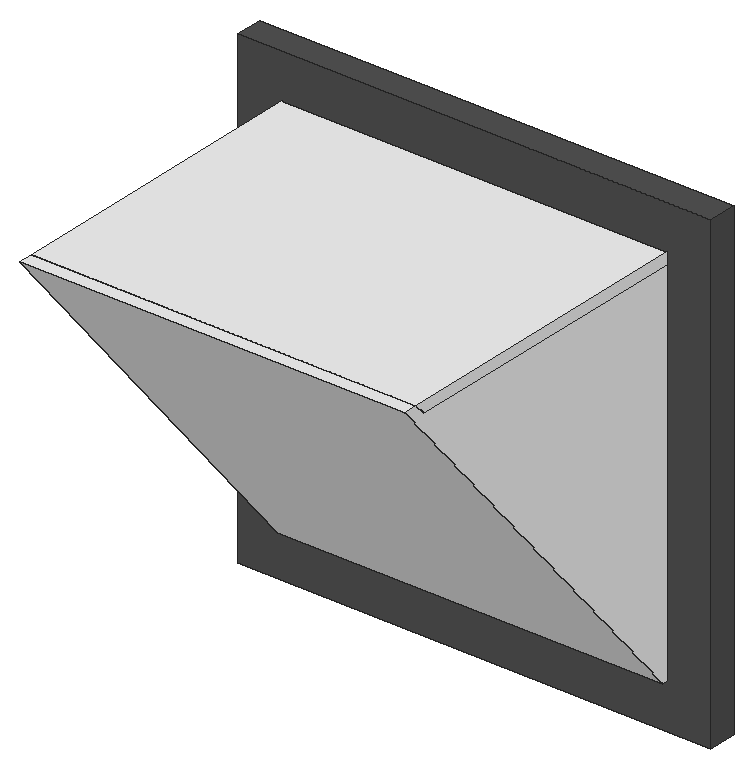
Revit family "Iluminação de caminho - Quadrada fixada", category Luminárias, Revit 2019
Family settings
  Hospedeiro = Parede
  Cota do conector redondo = Utilizar diâmetro
  Tipo de parte = Normal
  Número OmniClass = 23.80.70.00
  Título OmniClass = Lighting
  Sempre na vertical = Sim
  Corte com vazios quando carregada = Sim
  Fonte luminosa = Sim
  Compartilhado = Não
  Ponto de cálculo do ambiente = Não
Parameters
  Largura = 85 mm
  Wattage = 25 W
  built-in parameter 1150110 = 1 (stored number, unit not read)
  built-in parameter 1114217 = 1 (stored number, unit not read)
  Tilt Angle = 60.00°
  built-in parameter 1150109 = 1 (stored number, unit not read)
  built-in parameter 1150134 = (empty or 0)
  built-in parameter 1150113 = 1 (stored number, unit not read)
  built-in parameter 1010507 = 0.7854 (stored number, unit not read)
  built-in parameter 1010506 = 0.5236 (stored number, unit not read)
  Material de sombra = Vidro
  Altura de montagem = 400 mm
  Lumens = 3713.55 lm
  built-in parameter 1150115 = 1 (stored number, unit not read)
  built-in parameter 1150105 = 13044.7 (stored number, unit not read)
  Comprimento do símbolo da fonte luminosa = Altura de montagem  # 400 mm
  built-in parameter 1150137 = (empty or 0)
  built-in parameter 1150139 = (empty or 0)
  Material da luminária = Metal - Alum
  built-in parameter 1150112 = 1 (stored number, unit not read)
  built-in parameter 1150114 = 1 (stored number, unit not read)
  built-in parameter 1150132 = (empty or 0)
  built-in parameter 1150102 = (empty or 0)
  built-in parameter 1150138 = (empty or 0)
  built-in parameter 1150107 = 3000 (stored number, unit not read)
  built-in parameter 1150106 = 130.45 (stored number, unit not read)
  Largura da estrutura = 10 mm
  Material da moldura = Metal - Cromo
  built-in parameter 1150104 = 13.8 (stored number, unit not read)
  Troca de temperatura da cor de lâmpada com esmaecimento = <Nenhum>
  Linear = (Largura - 2 * Largura da estrutura) / (tan(90.00° - Ângulo)) + 20 mm  # 74.541 mm
  Color Filter = 16777215
  built-in parameter 1114218 = 1 (stored number, unit not read)
  built-in parameter 1150133 = 10 (stored number, unit not read)
  Ângulo = 40.00°
Reference planes
  plane 1: y = 0
  plane 2 "Eixo de origem da luz (E/D)": x = 125
  plane 3 "Eixo da fonte de luz (F/T)": y = 112.729
  plane 4 "Elevação da origem da luz": z = 390
  plane 5: z = -6
  plane 6: z = 394
  plane 7: z = 402
  plane 8: z = 317
  plane 9: z = 325
  plane 10: x = 167.5
  plane 11: x = 82.5
  plane 12: x = 159.5
  plane 13: x = 90.5
  plane 14: y = 155
  plane 15: y = 150
  plane 16: z = 392
  plane 17: x = 157.5
  plane 18: x = 92.5
  plane 19: z = 327
  plane 20: y = 75.459
Forms (mm)
  Extrusion 1, solid, material "Metal - Cromo" <- "Material da moldura"
    sketch origin (0, 112.729, 0) x (1, 0, 0) y (0, 0, 1)
      loop
        line (167.5, 402) -> (82.5, 402) -> (82.5, 317) -> (167.5, 317) -> (167.5, 402)
      loop
        line (157.5, 392) -> (92.5, 392) -> (92.5, 327) -> (157.5, 327) -> (157.5, 392)
    from -42.271 to -37.271
  Extrusion 2, void
    sketch origin (125, 0, 0) x (0, 1, 0) y (0, 0, 1)
      loop
        line (150, 394) -> (75.459, 394) -> (75.459, 325) -> (150, 325) -> (150, 394)
    from -34.5 to 34.5
  Extrusion 3, solid, material "Metal - Alum" <- "Material da luminária"
    sketch origin (125, 0, 0) x (0, 1, 0) y (0, 0, 1)
      loop
        line (150, 394) -> (93.78, 394) -> (95.459, 392) -> (150, 392) -> (150, 394)
    from -34.5 to 34.5
  Extrusion 4, solid, material "Metal - Alum" <- "Material da luminária"
    sketch origin (125, 0, 0) x (0, 1, 0) y (0, 0, 1)
      loop
        line (150, 327) -> (93.78, 394) -> (91.17, 394) -> (149.067, 325) -> (150, 325) -> (150, 327)
    from -34.5 to 34.5
  Extrusion 5, solid, material "Metal - Alum" <- "Material da luminária"
    sketch origin (125, 0, 0) x (0, 1, 0) y (0, 0, 1)
      loop
        line (150, 392) -> (95.459, 392) -> (150, 327) -> (150, 392)
    from -34.5 to -32.5
  Extrusion 6, solid, material "Metal - Alum" <- "Material da luminária"
    sketch origin (125, 0, 0) x (0, 1, 0) y (0, 0, 1)
      loop
        line (150, 392) -> (95.459, 392) -> (150, 327) -> (150, 392)
    from 32.5 to 34.5
  Extrusion 7, solid, material "Vidro" <- "Material de sombra"
    sketch origin (0, 112.729, 0) x (1, 0, 0) y (0, 0, 1)
      loop
        line (157.5, 392) -> (92.5, 392) -> (92.5, 327) -> (157.5, 327) -> (157.5, 392)
    from -42.271 to -37.271
Cuts and joins
  Extrusion 2 cuts Extrusion 1
  joined: Extrusion 4, Extrusion 5, Extrusion 6
Lines and regions (mm)
  reference lines
    curve 1: line (125, 150, 327) -> (125, -81.404, 602.776)
    curve 2: line (125, 153.492, 319.727) -> (125, -87.967, 607.486)
Text (mm)
  text "Lado da coloca玢o" at (-1787.139, 1116.779, 0), in view "Nível de referência"
  text "Lado da coloca玢o" at (0, 2110.396, 2986.058), in view "Esquerda"
  text "Lado da coloca玢o" at (0, 628.478, 3011.967), in view "Direita"
Dimensions and locks
  "Altura de montagem": plane 5 to plane 6
  "Largura": plane 8 to plane 7
  equal spacing: plane 11, plane 2 "Eixo de origem da luz (E/D)", plane 10
  "Largura": plane 11 to plane 10
  locked: plane 16 to plane 6 at 2
  locked: plane 9 to plane 19 at 2
  locked: plane 13 to plane 18 at 2
  locked: plane 17 to plane 12 at 2
  "Largura da estrutura": plane 17 to plane 10
  "Largura da estrutura": plane 11 to plane 18
  "Largura da estrutura": plane 16 to plane 7
  "Largura da estrutura": plane 8 to plane 19
  locked: curve 2 to curve 1 at 2
  "Linear": plane 15 to plane 20
  equal spacing: plane 15, plane 3 "Eixo da fonte de luz (F/T)", plane 20
  locked: plane 14 to plane 15 at 5
  locked: plane 4 "Elevação da origem da luz" to plane 16 at 2
  "Ângulo": angle curve 1 to plane 15
  aligned and locked: plane 1 to host wall
  aligned and locked: imposter light to plane 3 "Eixo da fonte de luz (F/T)"
  aligned and locked: plane 8 to Extrusion 1 sketch curve
  aligned and locked: plane 11 to Extrusion 1 sketch curve
  aligned and locked: Extrusion 1 sketch curve to plane 7
  aligned and locked: Extrusion 1 sketch curve to plane 10
  aligned and locked: plane 15 to host wall
  aligned and locked: plane 14 to Extrusion 1
  aligned and locked: Extrusion 1 to plane 15
  aligned and locked: Extrusion 1 sketch curve to plane 16
  aligned and locked: Extrusion 1 sketch curve to plane 18
  aligned and locked: plane 17 to Extrusion 1 sketch curve
  aligned and locked: plane 19 to Extrusion 1 sketch curve
  aligned and locked: plane 19 to curve 1
  aligned and locked: plane 15 to curve 1
  aligned and locked: Extrusion 2 sketch curve to plane 20
  aligned and locked: plane 9 to Extrusion 2 sketch curve
  aligned and locked: Extrusion 2 sketch curve to plane 6
  aligned and locked: Extrusion 2 sketch curve to plane 15
  aligned and locked: plane 13 to Extrusion 2
  aligned and locked: Extrusion 2 to plane 12
  aligned and locked: Extrusion 3 sketch curve to plane 15
  aligned and locked: Extrusion 3 sketch curve to curve 1
  aligned and locked: Extrusion 3 sketch curve to plane 6
  aligned and locked: plane 16 to Extrusion 3 sketch curve
  aligned and locked: Extrusion 4 sketch curve to curve 2
  aligned and locked: Extrusion 4 sketch curve to curve 1
  aligned and locked: Extrusion 4 sketch curve to plane 6
  aligned and locked: Extrusion 4 sketch curve to plane 9
  aligned and locked: plane 15 to Extrusion 4 sketch curve
  aligned and locked: plane 13 to Extrusion 4
  aligned and locked: Extrusion 4 to plane 12
  aligned and locked: plane 16 to Extrusion 5 sketch curve
  aligned and locked: Extrusion 5 sketch curve to Extrusion 4
  aligned and locked: plane 15 to Extrusion 5 sketch curve
  aligned and locked: Extrusion 5 to plane 18
  aligned and locked: plane 13 to Extrusion 5
  aligned and locked: plane 16 to Extrusion 6 sketch curve
  aligned and locked: Extrusion 6 sketch curve to Extrusion 5
  aligned and locked: plane 15 to Extrusion 6 sketch curve
  aligned and locked: plane 17 to Extrusion 6
  aligned and locked: Extrusion 6 to plane 12
  aligned and locked: Extrusion 3 to plane 12
  aligned and locked: plane 13 to Extrusion 3
  aligned and locked: plane 4 "Elevação da origem da luz" to imposter light
  aligned and locked: imposter light to plane 2 "Eixo de origem da luz (E/D)"
  aligned and locked: Extrusion 7 sketch curve to plane 16
  aligned and locked: Extrusion 7 sketch curve to plane 18
  aligned and locked: plane 17 to Extrusion 7 sketch curve
  aligned and locked: plane 19 to Extrusion 7 sketch curve
  aligned and locked: plane 14 to Extrusion 7
  aligned and locked: Extrusion 7 to plane 15
Automatic sketch dimensions
  curve 2 to curve 1 = 6.563 mm
  curve 2 to plane 14 = 1.508 mm
